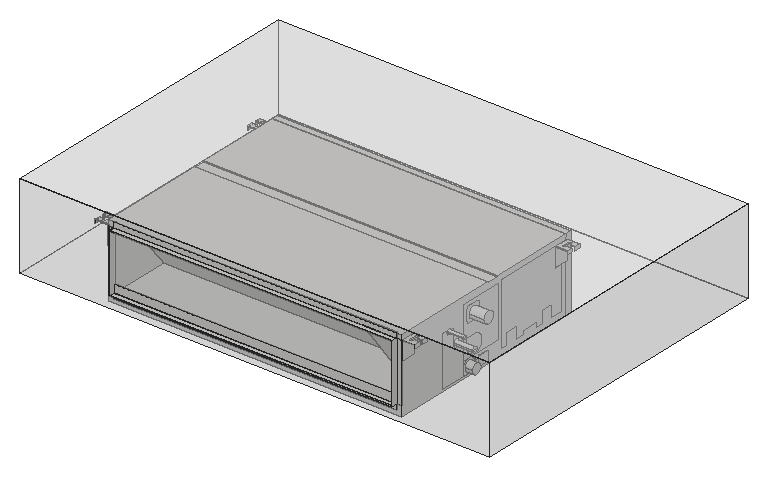
Revit family "outputfile", category 機械設備, Revit 2024
Family settings
  丸型コネクタ寸法 = 半径を使用
  パーツ タイプ = 標準
  OmniClass 番号 = 23.75.10.24.21.27.27
  OmniClass タイトル = Split System Air Conditioning Units
  作業面ベース = いいえ
  常に垂直 = はい
  ロード時にボイドで切り取り = いいえ
  注釈の向きを維持 = いいえ
  共有 = いいえ
  部屋計算ポイント = はい
Parameters (values of type "FBFC71AXVA")
  Description = ""
  書き出し IFC クラス(タイプ) = "IfcUnitaryEquipmentType"
  定義済み IFC タイプ(タイプ) = "AIRCONDITIONINGUNIT"
  Cost = 0
  Type Comments = ""
  Keynote = ""
  Type Image = (empty or 0)
  Assembly Code = ""
  switch_frequency = yes
  connector_voltage = Voltage_60Hz  # 0 V
  connector_powerinput = [Power Input (Cooling)]  # 0.000 kW
  connector_phase = Phase_60Hz  # 1
  URL = ""
  Supply Air Direction [instance] = yes
  製造元 = "Daikin"
  モデル = "FBFC71AXVA"
  w_pipe = 33 mm
  r_Liquid Pipe Size = Liquid Pipe Size / 2  # 4.75 mm
  r_Gas Pipe Size = Gas Pipe Size / 2  # 7.95 mm
  r_Drain Pipe Size = Drain Pipe Size / 2  # 16.0 mm
  lw_powersupply = Width / 2  # 500 mm
  lw_ductflange2 = 962 mm
  lw_Width = 962 mm
  lh_suctionflange [instance] = 100 mm
  ld_suctionflange [instance] = 190 mm
  ld_powersupply = 263 mm
  angle_vertical_RA [instance] = 90.00°
  angle horizontal_RA [instance] = 180.00°
  Voltage_comment_60Hz = "220 - 240"
  Voltage_60Hz = 0 V
  Sound Power Level_H speed (dB) = 0
  RA_length = 190 mm  # constant formula
  Phase_60Hz = 1
  Minimum External Static Pressure = 17.00 Pa
  Minimum Circuit Amps_60Hz = 0.0 A
  Maximum Fuse Amps_60Hz = 0.0 A
  Maximum External Static Pressure = 50.00 Pa
  Material_Casing = DAIKIN_GalvanizedSteel_Casing_indoorunit
  lw_liquidpipe = 557.9 mm
  lw_gaspipe = 567.5 mm
  lw_mountinghole_pitch = 1046 mm
  lw_mountinghole = 20 mm
  lw_drainpipe = 526 mm
  lh_powersupply = 43.2 mm
  lh_liquidpipe = 175 mm
  lh_gaspipe = 128 mm
  lh_mountinghole = Height + [h***] - 15 mm  # 235 mm
  lh_drainpipe = 29 mm
  lh_antena = (Height - lh_mountinghole) + 1 mm  # 16 mm
  ld_liquidpipe = 153 mm
  ld_gaspipe = 123 mm
  ld_mountinghole_pitch = 651 mm
  ld_drainpipe = 64 mm
  ld_controlbox = 626 mm
  h*** = 0 mm  # constant formula
  d_dischargeflange = 20 mm  # constant formula
  Width = 1000 mm
  Version = "ver.1.0"
  Unit Type = "M.S.P. Duct"
  Unit Mass Weight = 31.00 kg
  Unit Designation [instance] = ""
  Uniclass2015Version = "Products v1.30"
  Uniclass2015Title = "Split coil room air conditioning units"
  Uniclass2015Code = "Pr_70_65_03_86"
  Total Cooling Capacity [instance] = 0.000 kW
  Sound Pressure Level_M speed (dBA) = 38
  Sound Pressure Level_L speed (dBA) = 35
  Sound Pressure Level_H speed (dBA) = 41
  Series = "SkyAir_Fan Coil Unit"
  Sensible Cooling Capacity [instance] = 0.000 kW
  SA Duct Size Width = 962 mm
  SA Duct Size Height = 200 mm
  Refrigerant Type = "R32"
  RA Duct Size Width = 962 mm
  RA Duct Size Height = 214 mm
  Power Input (Cooling) = 0.000 kW
  Option Accessory 3 [instance] = ""
  Option Accessory 2 [instance] = ""
  Option Accessory 1 [instance] = ""
  Nominal Cooling Capacity = 7.100 kW
  Minimum Airflow = 1190.00 m³/h
  Median Airflow = 1380.00 m³/h
  Maximum Airflow = 1620.00 m³/h
  Load Classification = HVAC
  Liquid Pipe Size = 9.5 mm
  Link_Nested Family [instance] = ""
  IfcVersion = ""
  IfcExportType = "AIRCONDITIONINGUNIT"
  IfcExportAs = "IfcUnitaryEquipmentType"
  Height = 250 mm
  Heat Exchanger Type = "Cross Fin Coil"
  Gas Pipe Size = 15.9 mm
  Frequency_60Hz = 60 Hz
  Fan Type = "Sirocco Fan"
  Fan Drive = "Direct Drive"
  FCU Tag No. [instance] = ""
  Drain Pipe Size = 32.0 mm
  Design Supply Airflow [instance] = 0.00 m³/h
  Design Return Airflow [instance] = 0.00 m³/h
  Design External Static Pressure [instance] = 0.00 Pa
  Depth = 700 mm
  既定の高さ = 0 mm
  Cooling Entering Wet Bulb Temperature [instance] = 0.00 °C
  Cooling Entering Dry Bulb Temperature [instance] = 0.00 °C
  Cooling Ambient Wet Bulb Temperature [instance] = 0.00 °C
  Cooling Ambient Dry Bulb Temperature [instance] = 0.00 °C
  Clearance visibility [instance] = yes
  Clearance Top = 20 mm
  Clearance Right = 300 mm
  Clearance Rear = 400 mm
  Clearance Left = 300 mm
  Clearance Front = 0 mm
  Clearance Bottom = 20 mm
Reference planes
  plane 1 "Center (Front/Back)": y = 0
  plane 2: z = 0
  plane 3 "Center (Left/Right)": x = 0
  plane 4 "Back": y = 350
  plane 5 "Front": y = -350
  plane 6 "Left": x = -500
  plane 7 "Right": x = 500
  plane 8 "Top": z = 0
  plane 9 "Bottom": z = -250
  plane 10: x = 481
  plane 11: x = -480.2
  plane 12: z = -72
  plane 13: z = -75
  plane 14: z = -122
  plane 15: x = -304
  plane 16: x = 304
  plane 17: x = -523
  plane 18: x = 523
  plane 19: x = 557.9
  plane 20: x = 567.5
  plane 21: z = -15
  plane 22 "Clearance Left": x = -800
  plane 23 "Clearance Right": x = 800
  plane 24 "Clearance Rear": y = 750
  plane 25 "Clearance Front": y = -350
  plane 26 "Clearance Bottom": z = -270
  plane 27: z = -21
  plane 28: z = -221
  plane 29: y = -123
  plane 30: y = -153
  plane 31: y = -30
  plane 32: y = -64
  plane 33: z = -118
  plane 34: y = -349.2
  plane 35: z = -150
  plane 36: y = 160
  plane 37: z = -151
  plane 38: x = 526
  plane 39: x = 495
  plane 40: x = 365.5
  plane 41: z = 102.5
  plane 42: y = 325.5
  plane 43: y = -325.5
  plane 44: y = 17.5
  plane 45: y = 57
  plane 46: x = 503.2
  plane 47: x = 505.2
  plane 48: y = -370
  plane 49: y = 390
  plane 50: z = -125
  plane 51: z = -70.5
  plane 52: z = -75.133
  plane 53: z = -75.5
  plane 54: z = -126.5
  plane 55: z = -239.8
  plane 56: z = -22.5
  plane 57: z = -192.5
  plane 58: z = -16
  plane 59 "Clearance Top": z = 20
  plane 60: z = -206.8
  plane 61: y = 263
  plane 62: y = -200
  plane 63: y = -300
  plane 64: y = -140
Forms (mm)
  Extrusion 1, solid, material "DAIKIN_GalvanizedSteel_Casing_indoorunit" <- "Material_Casing"
    sketch origin (0, 0, 0) x (1, 0, 0) y (0, 1, 0)
      loop
        line (-500, -349.2) -> (500, -349.2) -> (500, 350) -> (-500, 350) -> (-500, -349.2)
    from -250 to 0
  Extrusion 2, void
    sketch origin (0, 0, 1) x (1, 0, 0) y (0, 1, 0)
      loop
        line (-500, 57) -> (-500, 17.5) -> (500, 17.5) -> (500, 57) -> (-500, 57)
    from -1 to -5
  Extrusion 3, void
    sketch origin (0, 0, 0) x (0, 1, 0) y (0, 0, 1)
      loop
        line (-91.914, -222) -> (-91.914, -246.5) -> (-36.314, -246.5) -> (-36.314, -219.481)
        arc (-36.314, -219.481) -> (-65.261, -194.229) -> (-91.8, -222) r 27.8
    from 500 to 495
  Revolve 4, solid, material "DAIKIN_GalvanizedSteel_Casing_indoorunit" <- "Material_Casing"
    sketch origin (0, 0, -122) x (0, -1, 0) y (1, 0, 0)
      loop
        line (115.05, 500) -> (123, 500) -> (123, 567.5) -> (115.05, 567.5) -> (115.05, 500)
      axis (123, 500) -> (123, 567.5)
    angle from 0 to 360
  Revolve 5, solid, material "DAIKIN_GalvanizedSteel_Casing_indoorunit" <- "Material_Casing"
    sketch origin (0, 0, -75) x (0, -1, 0) y (1, 0, 0)
      loop
        line (153, 500) -> (153, 557.9) -> (148.25, 557.9) -> (148.25, 500) -> (153, 500)
      axis (153, 557.9) -> (153, 500)
    angle from 0 to 360
  Extrusion 6, solid, material "DAIKIN_GalvanizedSteel_Casing_indoorunit" <- "Material_Casing"
    sketch origin (0, 0, 0) x (0, 1, 0) y (0, 0, 1)
      loop
        circle (-64, -221) r 16
    from 526 to 500
  Extrusion 7, solid, material "DAIKIN_GalvanizedSteel_Casing_indoorunit" <- "Material_Casing"
    sketch origin (0, 0, 0) x (0, 1, 0) y (0, 0, 1)
      loop
        line (-180, -70.5) -> (-180, -239.8) -> (-95, -239.8) -> (-95, -126.5) -> (-107, -126.5)
        arc (-107, -126.5) -> (-121.5, -141) -> (-136, -126.5) r 14.5
        line (-136, -126.5) -> (-136, -75.5) -> (-141.006, -75.5)
        arc (-141.006, -75.5) -> (-153.184, -87.131) -> (-165, -75.133) r 12
        line (-165, -75.133) -> (-165, -70.5) -> (-180, -70.5)
      loop
        line (-92, -22.5) -> (-92, -192.5) -> (54, -192.5) -> (54, -22.5) -> (-92, -22.5)
      loop
        line (71, -16) -> (71, -224.802) -> (87.805, -224.802) -> (87.805, -184.607) -> (134.195, -184.606) -> (134.195, -224.802) -> (161, -224.802) -> (161, -212.302) -> (221, -212.303) -> (221, -224.802) -> (239.805, -224.802) -> (239.805, -184.606) -> (286.195, -184.606) -> (286.195, -224.802) -> (321.994, -224.802) -> (321.994, -82) -> (298.5, -82) -> (298.5, -16) -> (71, -16)
    from 500 to 503.2
  Extrusion 8, solid, material "DAIKIN_GalvanizedSteel_Casing_indoorunit" <- "Material_Casing"
    sketch origin (0, 0, 0) x (0, 1, 0) y (0, 0, 1)
      loop
        line (-27.5, -74.5) -> (-27.5, -41.5)
        arc (-27.5, -41.5) -> (-30.136, -35.136) -> (-36.5, -32.5) r 9
        line (-36.5, -32.5) -> (-69.5, -32.5)
        arc (-69.5, -32.5) -> (-75.864, -35.136) -> (-78.5, -41.5) r 9
        line (-78.5, -41.5) -> (-78.5, -74.5)
        arc (-78.5, -74.5) -> (-75.864, -80.864) -> (-69.5, -83.5) r 9
        line (-69.5, -83.5) -> (-36.5, -83.5)
        arc (-36.5, -83.5) -> (-30.136, -80.864) -> (-27.5, -74.5) r 9
      loop
        arc (8, -234.5) -> (9.415, -233.914) -> (10.001, -232.499) r 2.001
        line (10.001, -232.499) -> (9.997, -206.503)
        arc (9.997, -206.503) -> (9.412, -205.091) -> (8, -204.506) r 1.997
        line (8, -204.506) -> (-25.997, -204.506)
        arc (-25.997, -204.506) -> (-27.415, -205.094) -> (-28.002, -206.511) r 2.005
        line (-28.002, -206.511) -> (-28.002, -232.499)
        arc (-28.002, -232.499) -> (-27.416, -233.914) -> (-26.001, -234.5) r 2.001
        line (-26.001, -234.5) -> (8, -234.5)
      loop
        arc (-77.358, -152.358) -> (-25.548, -177.591) -> (-59.394, -130.95) r 29.7
        arc (-59.394, -130.95) -> (-62.843, -131.688) -> (-66.339, -131.219) r 10.3
        line (-66.339, -131.219) -> (-72.946, -129.136)
        arc (-72.946, -129.136) -> (-80.627, -131.374) -> (-81.498, -139.327) r 7.2
        line (-81.498, -139.327) -> (-78.299, -145.472)
        arc (-78.299, -145.472) -> (-77.23, -148.833) -> (-77.358, -152.358) r 10.3
    from 500 to 505.2
  Extrusion 9, solid, material "DAIKIN_GalvanizedSteel_Casing_indoorunit" <- "Material_Casing"
    sketch origin (0, 0, 0) x (0, 1, 0) y (0, 0, 1)
      loop
        circle (-53, -58) r 18.9
    from 500 to 557.9
  Extrusion 10, void
    sketch origin (0, 0, 0) x (0, 1, 0) y (0, 0, 1)
      loop
        line (-350, -18.8) -> (-350, -217.2) -> (-200, -217.2) -> (-349.2, -18.8) -> (-350, -18.8)
    from -480.2 to 481
  Extrusion 11, void
    sketch origin (0, 0, 0) x (0, 1, 0) y (0, 0, 1)
      loop
        line (-350, -18.8) -> (-350, -217.2) -> (-140, -217.2) -> (-300, -18.8) -> (-350, -18.8)
    from -480.2 to 365.5
Cuts and joins
  Extrusion 2, Extrusion 3, Extrusion 10, Extrusion 11 cuts Extrusion 1
  joined: Extrusion 7, Extrusion 8, Extrusion 9
Dimensions and locks
  "Height": plane 8 "Top" to plane 9 "Bottom"
  equal spacing: plane 15, plane 3 "Center (Left/Right)", plane 16, locked at 304 each
  locked: plane 15 to plane 16 at 608
  equal spacing: plane 17, plane 3 "Center (Left/Right)", plane 18
  "lw_mountinghole_pitch": plane 17 to plane 18
  locked: plane 12 to plane 9 "Bottom" at 178
  "lh_liquidpipe": plane 13 to plane 9 "Bottom"
  "lh_gaspipe": plane 14 to plane 9 "Bottom"
  "lh_mountinghole": plane 21 to plane 9 "Bottom"
  equal spacing: plane 6 "Left", plane 3 "Center (Left/Right)", plane 7 "Right"
  "Width": plane 6 "Left" to plane 7 "Right"
  "Clearance Right": plane 7 "Right" to plane 23 "Clearance Right"
  "Clearance Left": plane 22 "Clearance Left" to plane 6 "Left"
  "Clearance Rear": plane 24 "Clearance Rear" to plane 4 "Back"
  "Clearance Front": plane 5 "Front" to plane 25 "Clearance Front"
  locked: plane 8 "Top" to plane 27 at 21
  "Depth": plane 4 "Back" to plane 5 "Front"
  equal spacing: plane 4 "Back", plane 1 "Center (Front/Back)", plane 5 "Front"
  "ld_suctionflange": plane 4 "Back" to plane 36
  locked: plane 37 to plane 9 "Bottom" at 99
  plane 7 "Right" to plane 40 = 134.5 mm
  "r_Gas Pipe Size": nested 6 to Revolve 4 sketch curve
  "r_Liquid Pipe Size": nested 5 to Revolve 5 sketch curve
  equal spacing: plane 42, plane 1 "Center (Front/Back)", plane 43
  "ld_mountinghole_pitch": plane 42 to plane 43
  locked: plane 33 to plane 9 "Bottom" at 132
  "lw_liquidpipe": plane 3 "Center (Left/Right)" to plane 19
  "lw_gaspipe": plane 3 "Center (Left/Right)" to plane 20
  "lw_drainpipe": plane 3 "Center (Left/Right)" to plane 38
  "ld_drainpipe": plane 32 to plane 1 "Center (Front/Back)"
  "ld_gaspipe": plane 29 to plane 1 "Center (Front/Back)"
  "ld_liquidpipe": plane 30 to plane 1 "Center (Front/Back)"
  "lh_drainpipe": plane 28 to plane 9 "Bottom"
  locked: plane 7 "Right" to plane 46 at 3.2
  locked: plane 46 to plane 47 at 2
  equal spacing: plane 8 "Top", plane 50, plane 9 "Bottom"
  plane 51 to plane 52 to plane 53 to plane 54 to plane 55 = 4.633 mm locked, 0.367 mm locked, 51 mm locked, 113.3 mm locked
  plane 8 "Top" to plane 56 to plane 57 = 22.5 mm locked, 170 mm locked
  locked: plane 8 "Top" to plane 58 at 16
  locked: plane 40 to plane 10 at 115.5
  locked: plane 17 to plane 11 at 42.8
  locked: plane 39 to plane 7 "Right" at 5
  "Clearance Top": plane 59 "Clearance Top" to plane 8 "Top"
  "Clearance Bottom": plane 9 "Bottom" to plane 26 "Clearance Bottom"
  "lh_powersupply": plane 60 to plane 9 "Bottom"
  "ld_powersupply": plane 61 to plane 1 "Center (Front/Back)"
  locked: plane 34 to plane 5 "Front" at 0.8
  locked: plane 5 "Front" to plane 48 at 20
  locked: plane 5 "Front" to plane 62 at 150
  plane 5 "Front" to plane 63 to plane 64 = 50 mm locked, 160 mm locked
  "r_Drain Pipe Size": radius of Extrusion 6 sketch curve
  aligned and locked: level to plane 2
  aligned and locked: Extrusion 1 to plane 9 "Bottom"
  aligned and locked: plane 8 "Top" to Extrusion 1
  aligned and locked: Revolve 4 sketch curve to Revolve 4 sketch curve
  aligned and locked: plane 19 to nested 5
  aligned and locked: nested 5 to plane 13
  aligned and locked: plane 18 to nested 2
  aligned and locked: plane 17 to nested 3
  aligned and locked: plane 17 to nested 4
  aligned and locked: nested 6 to plane 14
  aligned and locked: plane 29 to nested 6
  aligned and locked: plane 30 to nested 5
  aligned and locked: Extrusion 6 sketch curve to plane 32
  aligned and locked: plane 8 "Top" to Extrusion 2
  aligned and locked: plane 24 "Clearance Rear" to nested 11
  aligned and locked: plane 23 "Clearance Right" to nested 11
  aligned and locked: plane 22 "Clearance Left" to nested 11
  aligned and locked: nested 11 to plane 25 "Clearance Front"
  aligned and locked: plane 7 "Right" to cut or joined group of Extrusion 1, Extrusion 2, Extrusion 3, Extrusion 10, Extrusion 11  (x3)
  aligned and locked: cut or joined group of Extrusion 1, Extrusion 2, Extrusion 3, Extrusion 10, Extrusion 11 to plane 39
  aligned and locked: plane 38 to Extrusion 6
  aligned and locked: plane 20 to nested 6
  aligned and locked: plane 3 "Center (Left/Right)" to nested 12
  aligned and locked: plane 18 to nested 1
  aligned and locked: plane 32 to nested 7
  aligned and locked: nested 7 to plane 28
  aligned and locked: plane 38 to nested 7
  aligned and locked: nested 9 to plane 1 "Center (Front/Back)"
  aligned and locked: plane 3 "Center (Left/Right)" to nested 9
  aligned and locked: plane 33 to nested 8
  aligned and locked: level to plane 8 "Top"
  aligned and locked: nested 1 to plane 42
  aligned and locked: nested 2 to plane 43
  aligned and locked: nested 4 to plane 42
  aligned and locked: nested 3 to plane 43
  aligned and locked: nested 12 to plane 21
  aligned and locked: cut or joined group of Extrusion 1, Extrusion 2, Extrusion 3, Extrusion 10, Extrusion 11 to plane 34
  aligned and locked: nested 13 to plane 33
  aligned and locked: Extrusion 2 sketch curve to plane 6 "Left"
  aligned and locked: plane 7 "Right" to Extrusion 2 sketch curve
  aligned and locked: plane 44 to Extrusion 2 sketch curve
  aligned and locked: plane 45 to Extrusion 2 sketch curve
  aligned and locked: plane 3 "Center (Left/Right)" to nested 10
  aligned and locked: nested 10 to plane 4 "Back"
  aligned and locked: plane 46 to Extrusion 7
  aligned and locked: Extrusion 7 to plane 7 "Right"
  aligned and locked: Extrusion 8 to plane 7 "Right"
  aligned and locked: plane 47 to Extrusion 8
  aligned and locked: plane 19 to Extrusion 9
  aligned and locked: Extrusion 9 to plane 7 "Right"
  aligned and locked: nested 8 to plane 48
  aligned and locked: plane 49 to nested 14
  aligned and locked: nested 14 to plane 3 "Center (Left/Right)"
  aligned and locked: nested 14 to plane 50
  aligned and locked: plane 54 to Extrusion 7 sketch curve  (x2)
  aligned and locked: plane 52 to Extrusion 7 sketch curve
  aligned and locked: plane 56 to Extrusion 7 sketch curve
  aligned and locked: plane 57 to Extrusion 7 sketch curve
  aligned and locked: plane 58 to Extrusion 7 sketch curve
  aligned and locked: plane 3 "Center (Left/Right)" to nested 13
  aligned and locked: plane 59 "Clearance Top" to nested 11
  aligned and locked: nested 11 to plane 26 "Clearance Bottom"
  aligned and locked: plane 7 "Right" to nested 15
  aligned and locked: nested 15 to plane 60
  aligned and locked: plane 34 to nested 13
  aligned and locked: plane 5 "Front" to Extrusion 10 sketch curve
  aligned and locked: cut or joined group of Extrusion 1, Extrusion 2, Extrusion 3, Extrusion 10, Extrusion 11 to plane 11  (x2)
  aligned and locked: plane 10 to cut or joined group of Extrusion 1, Extrusion 2, Extrusion 3, Extrusion 10, Extrusion 11
  aligned and locked: Extrusion 11 sketch curve to plane 5 "Front"
  aligned and locked: plane 63 to Extrusion 11 sketch curve
  aligned and locked: plane 64 to Extrusion 11 sketch curve
  aligned and locked: cut or joined group of Extrusion 1, Extrusion 2, Extrusion 3, Extrusion 10, Extrusion 11 to plane 40
  aligned and locked: Extrusion 6 to plane 7 "Right"
  aligned and locked: Revolve 4 to plane 7 "Right"
  aligned and locked: Revolve 5 to plane 7 "Right"
Automatic sketch dimensions
  Extrusion 1 sketch curve to plane 4 "Back" = 0 mm
  Extrusion 1 sketch curve to plane 6 "Left" = 0 mm
  Extrusion 1 sketch curve to plane 7 "Right" = 0 mm
  plane 34 to Extrusion 1 sketch curve = 0 mm
  Extrusion 6 sketch curve to plane 28 = 0 mm
  Revolve 4 sketch curve to plane 20 = 0 mm
  Revolve 4 sketch curve to plane 29 = 0 mm
  Revolve 4 sketch curve to Revolve 4 sketch curve = 2.003 mm
  plane 20 to Revolve 4 sketch curve = 1.003 mm
  Revolve 5 sketch curve to plane 30 = 0 mm  (x2)
  Revolve 5 sketch curve to plane 19 = 0 mm  (x2)
  Revolve 5 sketch curve to plane 7 "Right" = 0 mm
  Revolve 5 sketch curve to Revolve 5 sketch curve = 1 mm
  Revolve 4 sketch curve to plane 7 "Right" = 0 mm
  plane 9 "Bottom" to Extrusion 3 sketch curve = 3.5 mm
  Extrusion 3 sketch curve to plane 31 = 6.314 mm
  Extrusion 3 sketch curve to plane 28 = 1 mm  (x2)
  plane 32 to Extrusion 3 sketch curve = 0 mm
  Extrusion 3 sketch curve to Extrusion 3 sketch curve = 0.114 mm
  Extrusion 8 sketch curve to plane 32 = 14.5 mm
  plane 13 to Extrusion 8 sketch curve = 0.5 mm  (x2)
  Extrusion 8 sketch curve to plane 32 = 5.5 mm  (x2)
  Extrusion 8 sketch curve to plane 31 = 6.5 mm  (x2)
  Extrusion 8 sketch curve to plane 27 = 20.5 mm
  plane 31 to Extrusion 8 sketch curve = 1.998 mm
  Extrusion 8 sketch curve to Extrusion 8 sketch curve = 2.001 mm  (x2)
  Extrusion 8 sketch curve to Extrusion 8 sketch curve = 2.005 mm
  Extrusion 8 sketch curve to plane 1 "Center (Front/Back)" = 8 mm  (x2)
  plane 28 to Extrusion 8 sketch curve = 16.494 mm
  Extrusion 8 sketch curve to Extrusion 8 sketch curve = 1.994 mm
  Extrusion 8 sketch curve to Extrusion 8 sketch curve = 1.997 mm
  Extrusion 8 sketch curve to plane 32 = 17.498 mm
  Extrusion 8 sketch curve to plane 35 = 0.228 mm
  Extrusion 8 sketch curve to Extrusion 8 sketch curve = 5.937 mm
  plane 35 to Extrusion 8 sketch curve = 4.528 mm
  Extrusion 8 sketch curve to Extrusion 8 sketch curve = 3.199 mm
  Extrusion 8 sketch curve to Extrusion 8 sketch curve = 6.386 mm
  Extrusion 8 sketch curve to plane 14 = 7.136 mm
  Extrusion 8 sketch curve to Extrusion 8 sketch curve = 2.165 mm
  Extrusion 8 sketch curve to plane 32 = 2.339 mm
  plane 32 to Extrusion 8 sketch curve = 0.758 mm
  Extrusion 8 sketch curve to plane 37 = 7.5 mm
  plane 32 to Extrusion 8 sketch curve = 15.7 mm
  Extrusion 8 sketch curve to Extrusion 8 sketch curve = 6.145 mm
  Extrusion 8 sketch curve to Extrusion 8 sketch curve = 2.083 mm
  plane 14 to Extrusion 8 sketch curve = 0.604 mm
  Extrusion 8 sketch curve to Extrusion 8 sketch curve = 0 mm
  plane 32 to Extrusion 9 sketch curve = 11 mm
  plane 12 to Extrusion 9 sketch curve = 14 mm
  Extrusion 7 sketch curve to plane 30 = 0 mm
  Extrusion 7 sketch curve to plane 30 = 27 mm
  Extrusion 7 sketch curve to plane 13 = 0.5 mm
  Extrusion 7 sketch curve to Extrusion 7 sketch curve = 5.006 mm
  plane 12 to Extrusion 7 sketch curve = 1.5 mm
  Extrusion 7 sketch curve to Extrusion 7 sketch curve = 12 mm
  Extrusion 7 sketch curve to plane 30 = 12 mm
  plane 29 to Extrusion 7 sketch curve = 1.5 mm
  Extrusion 7 sketch curve to plane 32 = 28 mm
  Extrusion 7 sketch curve to Extrusion 7 sketch curve = 17 mm
  Extrusion 7 sketch curve to plane 28 = 3.802 mm  (x8)
  Extrusion 7 sketch curve to plane 42 = 27 mm
  Extrusion 7 sketch curve to plane 42 = 3.506 mm  (x2)
  Extrusion 7 sketch curve to plane 53 = 6.5 mm
  plane 57 to Extrusion 7 sketch curve = 7.893 mm
  Extrusion 7 sketch curve to Extrusion 7 sketch curve = 0 mm  (x2)
  plane 57 to Extrusion 7 sketch curve = 7.894 mm  (x2)
  plane 36 to Extrusion 7 sketch curve = 1 mm  (x2)
  plane 28 to Extrusion 7 sketch curve = 8.697 mm
  Extrusion 3 sketch curve to Extrusion 3 sketch curve = 27.914 mm
  Extrusion 7 sketch curve to plane 55 = 0 mm
  Extrusion 8 sketch curve to plane 28 = 11.499 mm
  Extrusion 7 sketch curve to Extrusion 7 sketch curve = 60 mm
  Extrusion 10 sketch curve to plane 34 = 0 mm
  plane 28 to Extrusion 10 sketch curve = 3.8 mm
  plane 27 to Extrusion 10 sketch curve = 2.2 mm
  Extrusion 10 sketch curve to plane 30 = 47 mm
  plane 28 to Extrusion 11 sketch curve = 3.8 mm
  plane 27 to Extrusion 11 sketch curve = 2.2 mm
  radius of Extrusion 9 sketch curve = 18.9 mm
Nested families
  nested 1: "daikin_mountinghole" at (523, 325.5, -250), l_antenna <- "lh_antena", Link_Nested Family <- "Link_Nested Family", h_mountinghole <- "lh_mountinghole", type "daikin_mountinghole"
    with show yes, l_antenna 16 mm, h_mountinghole 235 mm, Link_Nested Family ""
  nested 2: "daikin_mountinghole" at (523, -325.5, -250), Link_Nested Family <- "Link_Nested Family", l_antenna <- "lh_antena", h_mountinghole <- "lh_mountinghole", type "daikin_mountinghole"
    with show yes, l_antenna 16 mm, h_mountinghole 235 mm, Link_Nested Family ""
  nested 3: "daikin_mountinghole" at (-523, -325.5, -250), l_antenna <- "lh_antena", Link_Nested Family <- "Link_Nested Family", h_mountinghole <- "lh_mountinghole", type "daikin_mountinghole"
    with show yes, l_antenna 16 mm, h_mountinghole 235 mm, Link_Nested Family ""
  nested 4: "daikin_mountinghole" at (-523, 325.5, -250), l_antenna <- "lh_antena", Link_Nested Family <- "Link_Nested Family", h_mountinghole <- "lh_mountinghole", type "daikin_mountinghole"
    with show yes, l_antenna 16 mm, h_mountinghole 235 mm, Link_Nested Family ""
  nested 5: "daikin_connector_rotate2" at (0, -153, -75) x (0, 1, 0) z (0, 0, 1), length <- "lw_liquidpipe", built-in parameter 1001364 <- "lh_liquidpipe", radius <- "r_Liquid Pipe Size", type "daikin_connector_rotate2"
    with radius 4.75 mm, length 557.9 mm, angle_vertical 90.00°
  nested 6: "daikin_connector_rotate2" at (0, -123, -122) x (0, 1, 0) z (0, 0, 1), length <- "lw_gaspipe", built-in parameter 1001364 <- "lh_gaspipe", radius <- "r_Gas Pipe Size", type "daikin_connector_rotate2"
    with radius 7.95 mm, length 567.5 mm, angle_vertical 90.00°
  nested 7: "daikin_connector_rotate2" at (0, -64, -221) x (0, 1, 0) z (0, 0, 1), built-in parameter 1001364 <- "lh_drainpipe", length <- "lw_drainpipe", radius <- "r_Drain Pipe Size", type "daikin_connector_rotate2"
    with radius 16 mm, length 526 mm, angle_vertical 90.00°
  nested 8: "daikin_connector_rotate2" at (0, -350, -118), length <- "d_dischargeflange", type "daikin_connector_rotate2"
    with radius 10 mm, length 20 mm, angle_vertical 90.00°
  nested 9: "daikin_△_symbolicline" at (-75, -129.904, 250) x (-0.5, 0.866, 0) z (0, 0, 1), built-in parameter 1001364 <- "Height", visible <- "Supply Air Direction", type "daikin_△_symbolicline"
    with length 300 mm
  nested 10: "daikin_ductflange_FBFC-AXVA_1" at (0, 350, -125), material <- "Material_Casing", width <- "lw_ductflange2", type "daikin_ductflange_FBFC-AXVA_1"
    with width 962 mm, material DAIKIN_GalvanizedSteel_Casing_indoorunit, height 214 mm, depth 40 mm
  nested 11: "daikin_clearancespace" at (0, 200, -124.881), visible <- "Clearance visibility", show <- "Clearance visibility", Link_Nested Family <- "Link_Nested Family", type "daikin_clearancespace"
    with width 1600 mm, show yes, height 290 mm, depth 1100 mm, Link_Nested Family ""
  nested 12: "daikin_hangerfixture_FBFC-AXVA" at (0, 0, -15), type "daikin_hangerfixture_FBFC-AXVA"
    with width 1000 mm
  nested 13: "daikin_ductflange_FBFC-AXVA" at (0, -35.7, -407.401), width <- "lw_Width", material <- "Material_Casing", type "daikin_ductflange_FBFC-AXVA"
    with width 962 mm, material DAIKIN_GalvanizedSteel_Casing_indoorunit, height 200 mm, depth 20.8 mm
  nested 14: "daikin_connector_rotate2" at (0, 350, -125) x (-1, 0, 0) z (0, 0, 1), type "daikin_connector_rotate2"
    with radius 10 mm, length 40 mm, angle_vertical 90.00°
  nested 15: "daikin_connector_rotate2" at (0, 263, -206.8) x (0, 1, 0) z (0, 0, 1), length <- "lw_powersupply", built-in parameter 1001364 <- "lh_powersupply", type "daikin_connector_rotate2"
    with radius 10 mm, length 500 mm, angle_vertical 90.00°
Connectors
  piping at (567.5, -123, -122), diameter 15.9, driven by "r_Gas Pipe Size"
    settings: on nested 6, index 1, connector inside diameter 609.6 mm, connector length 0 mm, flow factor 0, pipe flow 0.00 m³/h, pressure drop 0.0 Pa, fitting loss kfactor 0, connector angle 0.00°, fixture units 0, engagement length 0 mm, angle of deflection 0.00°, flow configuration 1, flow direction 2, fitting loss method 0, system type 29, joint type 0, gender type 0, connector reference index -1, connector utility 0, adjustable connector no, is connector primary yes, connector description "Refrigerant Gas Piping"
  piping at (557.9, -153, -75), diameter 9.5, driven by "r_Liquid Pipe Size"
    settings: on nested 5, index 2, connector inside diameter 609.6 mm, connector length 0 mm, flow factor 0, pipe flow 0.00 m³/h, pressure drop 0.0 Pa, fitting loss kfactor 0, connector angle 0.00°, fixture units 0, engagement length 0 mm, angle of deflection 0.00°, flow configuration 1, flow direction 1, fitting loss method 0, system type 29, joint type 0, gender type 0, connector reference index -1, connector utility 0, adjustable connector no, is connector primary no, connector description "Refrigerant Liquid Piping"
  piping at (526, -64, -221), diameter 32, driven by "r_Drain Pipe Size"
    settings: on nested 7, index 3, connector inside diameter 609.6 mm, connector length 0 mm, flow factor 0, pipe flow 0.00 m³/h, pressure drop 0.0 Pa, fitting loss kfactor 0, connector angle 0.00°, fixture units 0, engagement length 0 mm, angle of deflection 0.00°, flow configuration 1, flow direction 2, fitting loss method 4, system type 16, joint type 0, gender type 0, connector reference index -1, connector utility 0, adjustable connector no, is connector primary no, connector description "Condensate Drain Piping"
  hvac at (0, -370, -118), driven by "SA Duct Size Height", driven by "SA Duct Size Width"
    settings: on nested 8, index 7, duct flow 0.00 m³/h, flow factor 0, pres drop 0.00 Pa, loss coef 0, conn angle 0.00°, conn width 962.0 mm, conn height 200.0 mm, conn diameter 609.6 mm, duct sys type 1, conn prof type 1, flow config 0, flow direction 2, loss method 4, conn ref index -1, conn util no, is conn primary yes, conn desc "SA Duct"
  hvac at (0, 390, -125), driven by "RA Duct Size Width", driven by "RA Duct Size Height"
    settings: on nested 14, index 8, duct flow 0.00 m³/h, flow factor 0, pres drop 0.00 Pa, loss coef 0, conn angle 0.00°, conn width 962.0 mm, conn height 214.0 mm, conn diameter 609.6 mm, duct sys type 2, conn prof type 1, flow config 0, flow direction 1, loss method 4, conn ref index -1, conn util no, is conn primary no, conn desc "RA Duct"
  electrical at (500, 263, -206.8), driven by "Load Classification", driven by "connector_phase", driven by "connector_powerinput", driven by "connector_voltage"
    settings: on nested 15, index 9, voltage 0 V, apparent load 0 VA, apparent load phase1 0 VA, apparent load phase2 0 VA, apparent load phase3 0 VA, power factor 1, load classification "HVAC", number of poles 1, system type 30, power factor state 1, is connector primary yes, connector utility no, sub classification motor no, connector description "Power Supply"
Definition of nested family "daikin_ductflange_FBFC-AXVA_1"
  Parameters (values of type "daikin_ductflange_FXDQ-NDVET2")
    width [instance] = 662 mm
    material [instance] = none
    height [instance] = 214 mm
    depth [instance] = 40 mm
    Default Elevation = 0 mm
  Reference planes
    plane 1 "Center (Front/Back)": y = 0
    plane 2: z = 0
    plane 3 "Center (Left/Right)": x = 0
    plane 4: x = -331
    plane 5: x = 331
    plane 6: z = 107
    plane 7: z = -107
    plane 8: x = -350
    plane 9: x = 350
    plane 10: z = 124
    plane 11: z = -124
    plane 12: y = 20
    plane 13: x = -330.2
    plane 14: x = 330.2
    plane 15: z = 106.2
    plane 16: z = -106.2
    plane 17: y = 40
    plane 18: x = -330.2
    plane 19: z = 106.2
    plane 20: z = -106.2
    plane 21: x = 330.2
  Forms (mm)
    Extrusion 1, solid, material <- "material"
      sketch origin (0, 0, 0) x (1, 0, 0) y (0, 0, 1)
        loop
          line (-330.2, 106.2) -> (-330.2, -106.2) -> (330.2, -106.2) -> (330.2, 106.2) -> (-330.2, 106.2)
        loop
          line (-350, 124) -> (-350, -124) -> (350, -124) -> (350, 124) -> (-350, 124)
      from 0 to -20
    Extrusion 2, solid, material <- "material"
      sketch origin (0, 0, 0) x (1, 0, 0) y (0, 0, 1)
        loop
          line (-331, 107) -> (-331, -107) -> (331, -107) -> (331, 107) -> (-331, 107)
        loop
          line (-330.2, 106.2) -> (-330.2, -106.2) -> (330.2, -106.2) -> (330.2, 106.2) -> (-330.2, 106.2)
      from -40 to -20
  Cuts and joins
    joined: Extrusion 1, Extrusion 2
  Dimensions and locks
    equal spacing: plane 5, plane 3 "Center (Left/Right)", plane 4
    "width": plane 5 to plane 4
    equal spacing: plane 6, level, plane 7
    "height": plane 6 to plane 7
    locked: plane 4 to plane 8 at 19
    locked: plane 9 to plane 5 at 19
    locked: plane 10 to plane 6 at 17
    locked: plane 7 to plane 11 at 17
    locked: plane 1 "Center (Front/Back)" to plane 12 at 20
    locked: plane 13 to plane 4 at 0.8
    locked: plane 5 to plane 14 at 0.8
    locked: plane 6 to plane 15 at 0.8
    locked: plane 16 to plane 7 at 0.8
    locked: plane 12 to plane 17 at 20
    locked: plane 18 to plane 4 at 0.8
    locked: plane 5 to plane 21 at 0.8
    locked: plane 6 to plane 19 at 0.8
    locked: plane 20 to plane 7 at 0.8
    locked: plane 1 "Center (Front/Back)" to plane 17 at 40
    aligned and locked: level to plane 2
    aligned and locked: Extrusion 1 sketch curve to plane 10
    aligned and locked: plane 8 to Extrusion 1 sketch curve
    aligned and locked: Extrusion 1 sketch curve to plane 9
    aligned and locked: Extrusion 1 to plane 12
    aligned and locked: plane 1 "Center (Front/Back)" to Extrusion 1
    aligned and locked: Extrusion 1 sketch curve to plane 15
    aligned and locked: plane 13 to Extrusion 1 sketch curve
    aligned and locked: plane 16 to Extrusion 1 sketch curve
    aligned and locked: plane 11 to Extrusion 1 sketch curve
    aligned and locked: Extrusion 1 sketch curve to plane 14
    aligned and locked: Extrusion 2 sketch curve to plane 6
    aligned and locked: plane 4 to Extrusion 2 sketch curve
    aligned and locked: plane 7 to Extrusion 2 sketch curve
    aligned and locked: Extrusion 2 sketch curve to plane 5
    aligned and locked: Extrusion 2 sketch curve to Extrusion 1  (x4)
    aligned and locked: Extrusion 2 to plane 17
    aligned and locked: Extrusion 2 to Extrusion 1
  Automatic sketch dimensions
    Extrusion 1 sketch curve to plane 10 = 0 mm
Definition of nested family "daikin_clearancespace"
  Parameters (values of type "daikin_clearancespace")
    Description = "daikin_clearancespace"
    width [instance] = 1823.963 mm
    show [instance] = yes
    material = none
    height [instance] = 1359.762 mm
    depth [instance] = 880 mm
    Default Elevation = 0 mm
    Link_Nested Family [instance] = ""
  Reference planes
    plane 1 "Center (Front/Back)": y = 0
    plane 2 "Center (Elevation)": z = -0.119
    plane 3 "Center (Left/Right)": x = 0
    plane 4: y = 440
    plane 5: y = -440
    plane 6 "Right": x = 911.982
    plane 7 "Left": x = -911.982
    plane 8 "Top": z = 679.762
    plane 9 "Bottom": z = -680
  Forms (mm)
    Extrusion 1, solid, material <- "material", visible <- "show"
      sketch origin (0, 0, 0) x (1, 0, 0) y (0, 1, 0)
        loop
          line (-911.982, 440) -> (-911.982, -440) -> (911.982, -440) -> (911.982, 440) -> (-911.982, 440)
      from -680 to 679.762
  Lines and regions (mm)
    symbolic lines, visible <- "show"
      curve 1: line (911.982, 440, 0) -> (-911.982, 440, 0)
      curve 2: line (-911.982, 440, 0) -> (-911.982, -440, 0)
      curve 3: line (-911.982, -440, 0) -> (911.982, -440, 0)
      curve 4: line (911.982, -440, 0) -> (911.982, 440, 0)
      curve 5: line (911.982, 0, 679.762) -> (-911.982, 0, 679.762)
      curve 6: line (911.982, 0, -680) -> (911.982, 0, 679.762)
      curve 7: line (-911.982, 0, -680) -> (911.982, 0, -680)
      curve 8: line (-911.982, 0, 679.762) -> (-911.982, 0, -680)
      curve 9: line (0, 440, 679.762) -> (0, -440, 679.762)
      curve 10: line (0, -440, 679.762) -> (0, -440, -680)
      curve 11: line (0, 440, -680) -> (0, 440, 679.762)
      curve 12: line (0, -440, -680) -> (0, 440, -680)
  Dimensions and locks
    "width": plane 7 "Left" to plane 6 "Right"
    "depth": plane 4 to plane 5
    "height": plane 8 "Top" to plane 9 "Bottom"
    equal spacing: plane 7 "Left", plane 3 "Center (Left/Right)", plane 6 "Right"
    equal spacing: plane 4, plane 1 "Center (Front/Back)", plane 5
    equal spacing: plane 8 "Top", plane 2 "Center (Elevation)", plane 9 "Bottom"
    aligned and locked: level to plane 2 "Center (Elevation)"
    aligned and locked: Extrusion 1 sketch curve to plane 4
    aligned and locked: plane 7 "Left" to Extrusion 1 sketch curve
    aligned and locked: Extrusion 1 sketch curve to plane 5
    aligned and locked: Extrusion 1 sketch curve to plane 6 "Right"
    aligned and locked: plane 8 "Top" to Extrusion 1
    aligned and locked: curve 1 to Extrusion 1
    aligned and locked: curve 2 to Extrusion 1
    aligned and locked: curve 3 to Extrusion 1
    aligned and locked: curve 4 to Extrusion 1
    aligned and locked: curve 5 to Extrusion 1
    aligned and locked: curve 6 to Extrusion 1
    aligned and locked: curve 7 to Extrusion 1
    aligned and locked: curve 8 to Extrusion 1
    aligned and locked: curve 9 to Extrusion 1
    aligned and locked: curve 10 to Extrusion 1
    aligned and locked: curve 11 to Extrusion 1
    aligned and locked: curve 12 to Extrusion 1
    aligned and locked: Extrusion 1 to plane 9 "Bottom"
Definition of nested family "daikin_hangerfixture_FBFC-AXVA"
  Parameters (values of type "daikin_hangerfixture_FDMFC-AV1M")
    width = 700 mm
    material = none
    height = 65 mm
    depth = 700 mm
    Default Elevation = 0 mm
  Reference planes
    plane 1 "Center (Front/Back)": y = 0
    plane 2: z = 0
    plane 3 "Center (Left/Right)": x = 0
    plane 4: x = 350
    plane 5: y = 350
    plane 6: y = -350
    plane 7: x = -350
    plane 8: z = -65
    plane 9: y = 325.5
    plane 10: y = -325.5
    plane 11: y = 302
    plane 12: y = -302
    plane 13: x = 373
    plane 14: x = -373
  Forms (mm)
    Extrusion 1, void
      sketch origin (0, 0, 0) x (-1, 0, 0) y (0, -1, 0)
        loop
          arc (366.995, -334.5) -> (373, -340.5) -> (378.995, -334.489) r 6
          line (378.995, -334.489) -> (378.995, -333)
          arc (378.995, -333) -> (379.288, -332.293) -> (379.995, -332) r 1
          line (379.995, -332) -> (394.995, -332) -> (394.995, -319) -> (379.995, -319)
          arc (379.995, -319) -> (379.288, -318.707) -> (378.995, -318) r 1
          line (378.995, -318) -> (378.995, -316.464)
          arc (378.995, -316.464) -> (372.977, -310.5) -> (366.995, -316.5) r 6
          line (366.995, -316.5) -> (366.995, -334.5)
        loop
          line (367.28, 334.5) -> (367.28, 316.5)
          arc (367.28, 316.5) -> (373, 310.507) -> (379.254, 315.94) r 6
          line (379.254, 315.94) -> (379.254, 318)
          arc (379.254, 318) -> (379.547, 318.707) -> (380.254, 319) r 1
          line (380.254, 319) -> (395.254, 319) -> (395.254, 332) -> (380.254, 332)
          arc (380.254, 332) -> (379.547, 332.293) -> (379.254, 333) r 1
          line (379.254, 333) -> (379.254, 334.5)
          arc (379.254, 334.5) -> (373.267, 340.487) -> (367.28, 334.5) r 5.987
      from -254.96 to 618
    Extrusion 2, solid, material <- "material"
      sketch origin (0, 0, 0) x (-1, 0, 0) y (0, 0, 1)
        loop
          line (350, 0) -> (350, -65) -> (352.3, -65) -> (352.3, -2.3) -> (392.7, -2.3) -> (392.7, -12) -> (395, -12) -> (395, 0) -> (350, 0)
      from -349.5 to -301.5
    Extrusion 3, solid, material <- "material"
      sketch origin (0, 0, 0) x (1, 0, 0) y (0, 0, 1)
        loop
          line (350, 0) -> (350, -65) -> (352.3, -65) -> (352.3, -2.3) -> (392.7, -2.3) -> (392.7, -12) -> (395, -12) -> (395, 0) -> (350, 0)
      from -349.5 to -301.5
    Extrusion 4, void
      sketch origin (0, 0, 0) x (1, 0, 0) y (0, 1, 0)
        loop
          line (366.995, 334.5) -> (366.995, 316.5)
          arc (366.995, 316.5) -> (372.977, 310.5) -> (378.995, 316.464) r 6
          line (378.995, 316.464) -> (378.995, 318)
          arc (378.995, 318) -> (379.288, 318.707) -> (379.995, 319) r 1
          line (379.995, 319) -> (394.995, 319) -> (394.995, 332) -> (379.995, 332)
          arc (379.995, 332) -> (379.288, 332.293) -> (378.995, 333) r 1
          line (378.995, 333) -> (378.995, 334.489)
          arc (378.995, 334.489) -> (373, 340.5) -> (366.995, 334.5) r 6
        loop
          arc (367.026, -334.5) -> (373.026, -340.5) -> (379.026, -334.5) r 6
          line (379.026, -334.5) -> (379.026, -333)
          arc (379.026, -333) -> (379.319, -332.293) -> (380.026, -332) r 1
          line (380.026, -332) -> (395.026, -332) -> (395.026, -319) -> (380.026, -319)
          arc (380.026, -319) -> (379.319, -318.707) -> (379.026, -318) r 1
          line (379.026, -318) -> (379.026, -316.448)
          arc (379.026, -316.448) -> (373, -310.5) -> (367.026, -316.5) r 6
          line (367.026, -316.5) -> (367.026, -334.5)
      from -254.96 to 618
    Extrusion 5, solid, material <- "material"
      sketch origin (0, 0, 0) x (1, 0, 0) y (0, 0, -1)
        loop
          line (350, 0) -> (395, 0) -> (395, 12) -> (392.7, 12) -> (392.7, 2.3) -> (352.3, 2.3) -> (352.3, 65) -> (350, 65) -> (350, 0)
      from -349.5 to -301.5
    Extrusion 6, solid, material <- "material"
      sketch origin (0, 0, 0) x (-1, 0, 0) y (0, 0, -1)
        loop
          line (350, 0) -> (395, 0) -> (395, 12) -> (392.7, 12) -> (392.7, 2.3) -> (352.3, 2.3) -> (352.3, 65) -> (350, 65) -> (350, 0)
      from -349.5 to -301.5
  Cuts and joins
    Extrusion 1 cuts Extrusion 2
    Extrusion 4 cuts Extrusion 3
    Extrusion 4 cuts Extrusion 5
    Extrusion 1 cuts Extrusion 6
  Dimensions and locks
    equal spacing: plane 5, plane 1 "Center (Front/Back)", plane 6
    "depth": plane 5 to plane 6
    plane 6 to plane 1 "Center (Front/Back)" to plane 5 = 350 mm, 350 mm
    equal spacing: plane 4, plane 3 "Center (Left/Right)", plane 7
    "width": plane 4 to plane 7
    "height": level to plane 8
    equal spacing: plane 10, plane 1 "Center (Front/Back)", plane 9
    plane 10 to plane 9 = 651 mm
    plane 5 to plane 11 = 48 mm
    plane 12 to plane 6 = 48 mm
    locked: plane 7 to plane 14 at 23
    locked: plane 13 to plane 4 at 23
    plane 14 to plane 13 = 746 mm
    aligned and locked: level to plane 2
  Automatic sketch dimensions
    Extrusion 1 sketch curve to plane 7 = 17.28 mm
    Extrusion 1 sketch curve to plane 7 = 16.995 mm
    Extrusion 1 sketch curve to Extrusion 1 sketch curve = 5.987 mm  (x2)
    Extrusion 1 sketch curve to Extrusion 1 sketch curve = 6 mm  (x5)
    Extrusion 1 sketch curve to Extrusion 1 sketch curve = 5.974 mm
    Extrusion 1 sketch curve to Extrusion 1 sketch curve = 1 mm  (x5)
    plane 9 to Extrusion 1 sketch curve = 6.5 mm
    Extrusion 1 sketch curve to Extrusion 1 sketch curve = 15 mm  (x2)
    plane 10 to Extrusion 1 sketch curve = 6.5 mm
    Extrusion 1 sketch curve to plane 9 = 6.5 mm
    Extrusion 1 sketch curve to Extrusion 1 sketch curve = 1.49 mm
    plane 9 to Extrusion 1 sketch curve = 9 mm
    Extrusion 1 sketch curve to plane 10 = 9.56 mm
    Extrusion 1 sketch curve to Extrusion 1 sketch curve = 2.06 mm
    Extrusion 1 sketch curve to plane 10 = 6.5 mm
    Extrusion 1 sketch curve to Extrusion 1 sketch curve = 1.5 mm
    Extrusion 1 sketch curve to Extrusion 1 sketch curve = 0 mm  (x4)
    Extrusion 2 sketch curve to plane 7 = 0 mm
    Extrusion 2 sketch curve to plane 8 = 0 mm
    Extrusion 2 sketch curve to level = 0 mm
    Extrusion 2 sketch curve to plane 7 = 2.3 mm
    Extrusion 2 sketch curve to level = 2.3 mm
    Extrusion 2 sketch curve to Extrusion 2 sketch curve = 40.4 mm
    Extrusion 2 sketch curve to Extrusion 2 sketch curve = 2.3 mm
    Extrusion 2 sketch curve to Extrusion 2 sketch curve = 9.7 mm
    Extrusion 3 sketch curve to plane 4 = 0 mm
    Extrusion 3 sketch curve to plane 8 = 0 mm
    Extrusion 3 sketch curve to level = 0 mm
    plane 4 to Extrusion 3 sketch curve = 2.3 mm
    Extrusion 3 sketch curve to level = 2.3 mm
    Extrusion 3 sketch curve to Extrusion 3 sketch curve = 40.4 mm
    Extrusion 3 sketch curve to Extrusion 3 sketch curve = 2.3 mm
    Extrusion 3 sketch curve to Extrusion 3 sketch curve = 9.7 mm
    plane 4 to Extrusion 4 sketch curve = 17.026 mm
    plane 4 to Extrusion 4 sketch curve = 16.995 mm
    Extrusion 4 sketch curve to Extrusion 4 sketch curve = 6 mm  (x8)
    Extrusion 4 sketch curve to Extrusion 4 sketch curve = 1 mm  (x6)
    plane 9 to Extrusion 4 sketch curve = 6.5 mm
    Extrusion 4 sketch curve to Extrusion 4 sketch curve = 15 mm  (x2)
    plane 10 to Extrusion 4 sketch curve = 6.5 mm
    Extrusion 4 sketch curve to Extrusion 4 sketch curve = 1.5 mm
    Extrusion 4 sketch curve to plane 10 = 6.5 mm
    Extrusion 4 sketch curve to plane 10 = 9 mm
    Extrusion 4 sketch curve to Extrusion 4 sketch curve = 2.536 mm
    Extrusion 4 sketch curve to plane 9 = 6.5 mm
    Extrusion 4 sketch curve to Extrusion 4 sketch curve = 1.49 mm
    Extrusion 4 sketch curve to Extrusion 4 sketch curve = 0 mm  (x4)
    Extrusion 5 sketch curve to plane 4 = 0 mm
    Extrusion 5 sketch curve to plane 8 = 0 mm
    Extrusion 5 sketch curve to level = 0 mm
    plane 4 to Extrusion 5 sketch curve = 2.3 mm
    Extrusion 5 sketch curve to level = 2.3 mm
    Extrusion 5 sketch curve to Extrusion 5 sketch curve = 40.4 mm
    Extrusion 5 sketch curve to Extrusion 5 sketch curve = 2.3 mm
    Extrusion 5 sketch curve to Extrusion 5 sketch curve = 9.7 mm
    Extrusion 6 sketch curve to plane 7 = 0 mm
    Extrusion 6 sketch curve to plane 8 = 0 mm
    Extrusion 6 sketch curve to level = 0 mm
    Extrusion 6 sketch curve to plane 7 = 2.3 mm
    Extrusion 6 sketch curve to level = 2.3 mm
    Extrusion 6 sketch curve to Extrusion 6 sketch curve = 40.4 mm
    Extrusion 6 sketch curve to Extrusion 6 sketch curve = 2.3 mm
    Extrusion 6 sketch curve to Extrusion 6 sketch curve = 9.7 mm
Definition of nested family "daikin_ductflange_FBFC-AXVA"
  Parameters (values of type "daikin_ductflange_FXDQ-NDVET")
    width [instance] = 962 mm
    material [instance] = none
    height [instance] = 200 mm
    depth [instance] = 20.8 mm
    Default Elevation = 0 mm
  Reference planes
    plane 1 "Center (Front/Back)": y = 0
    plane 2: z = 189.401
    plane 3 "Center (Left/Right)": x = 0
    plane 4: y = -313.5
    plane 5: y = -334.3
    plane 6: z = 389.401
    plane 7: z = 289.401
    plane 8: z = 388.601
    plane 9: z = 190.201
    plane 10: x = -481
    plane 11: x = 481
    plane 12: y = -314.3
    plane 13: x = -480.2
    plane 14: x = 480.2
    plane 15: x = -500
    plane 16: x = 500
  Forms (mm)
    Extrusion 1, solid, material <- "material"
      sketch origin (0, 0, 189.401) x (1, 0, 0) y (0, 1, 0)
        loop
          line (480.2, -334.3) -> (481, -334.3) -> (481, -314.3) -> (500, -314.3) -> (500, -313.5) -> (480.2, -313.5) -> (480.2, -334.3)
        loop
          line (-480.2, -334.3) -> (-480.2, -313.5) -> (-500, -313.5) -> (-500, -314.3) -> (-481, -314.3) -> (-481, -334.3) -> (-480.2, -334.3)
      from 0 to 200
    Extrusion 2, solid, material <- "material"
      sketch origin (0, 0, 0) x (0, 1, 0) y (0, 0, 1)
        loop
          line (-313.5, 388.601) -> (-313.5, 407.401) -> (-314.3, 407.401) -> (-314.3, 389.401) -> (-334.3, 389.401) -> (-334.3, 388.601) -> (-313.5, 388.601)
        loop
          line (-313.5, 190.201) -> (-334.3, 190.201) -> (-334.3, 189.401) -> (-314.3, 189.401) -> (-314.3, 171.401) -> (-313.5, 171.401) -> (-313.5, 190.201)
      from -481 to 481
    Extrusion 3, solid, material <- "material"
      sketch origin (0, 0, 0) x (0, 1, 0) y (0, 0, 1)
        loop
          line (-314.3, 218.401) -> (-314.3, 189.401) -> (-313.5, 189.401) -> (-313.5, 218.401) -> (-314.3, 218.401)
      from -481 to 481
  Cuts and joins
    joined: Extrusion 1, Extrusion 2, Extrusion 3
  Dimensions and locks
    plane 4 to plane 1 "Center (Front/Back)" = 313.5 mm
    "depth": plane 5 to plane 4
    equal spacing: plane 6, plane 7, level
    plane 6 to plane 8 = 0.8 mm
    locked: plane 9 to level at 0.8
    "height": plane 6 to level
    equal spacing: plane 11, plane 3 "Center (Left/Right)", plane 10
    "width": plane 11 to plane 10
    locked: plane 4 to plane 12 at 0.8
    plane 14 to plane 11 to plane 16 = 0.8 mm locked, 19 mm locked
    plane 15 to plane 10 to plane 13 = 19 mm locked, 0.8 mm locked
    aligned and locked: level to plane 2
    aligned and locked: Extrusion 2 to plane 9
    aligned and locked: Extrusion 2 to plane 8
    aligned and locked: plane 6 to Extrusion 1
    aligned and locked: Extrusion 1 to level
    aligned and locked: level to Extrusion 2 sketch curve
    aligned and locked: Extrusion 1 sketch curve to plane 15
    aligned and locked: Extrusion 1 sketch curve to plane 12
    aligned and locked: plane 4 to Extrusion 1 sketch curve
    aligned and locked: Extrusion 1 sketch curve to plane 10
    aligned and locked: plane 13 to Extrusion 1 sketch curve
    aligned and locked: plane 14 to Extrusion 1 sketch curve
    aligned and locked: Extrusion 1 sketch curve to plane 11
    aligned and locked: Extrusion 1 sketch curve to plane 16
    aligned and locked: Extrusion 1 sketch curve to plane 4
    aligned and locked: plane 12 to Extrusion 1 sketch curve
    aligned and locked: cut or joined group of Extrusion 1, Extrusion 2, Extrusion 3 to plane 10  (x2)
    aligned and locked: plane 11 to cut or joined group of Extrusion 1, Extrusion 2, Extrusion 3  (x2)
  Automatic sketch dimensions
    Extrusion 2 sketch curve to plane 5 = 0 mm  (x2)
    Extrusion 2 sketch curve to plane 4 = 0 mm  (x2)
    Extrusion 2 sketch curve to plane 9 = 0 mm
    Extrusion 2 sketch curve to plane 8 = 0 mm
    Extrusion 2 sketch curve to plane 4 = 0.8 mm  (x2)
    plane 6 to Extrusion 2 sketch curve = 18 mm
    Extrusion 2 sketch curve to level = 18 mm
    Extrusion 2 sketch curve to plane 6 = 0 mm
    Extrusion 3 sketch curve to level = 0 mm
    Extrusion 3 sketch curve to plane 4 = 0 mm
    Extrusion 3 sketch curve to Extrusion 3 sketch curve = 0.8 mm
    plane 9 to Extrusion 3 sketch curve = 28.2 mm
    Extrusion 1 sketch curve to plane 5 = 0 mm  (x2)
Definition of nested family "daikin_mountinghole"
  Parameters (values of type "daikin_mountinghole")
    Default Elevation = 1219.2 mm
    Type Comments = "mountinghole"
    show [instance] = yes
    material = none
    l_centerline = 100 mm
    l_antenna [instance] = 100 mm
    h_mountinghole [instance] = 0 mm
    d_circle = 30 mm
    Link_Nested Family [instance] = ""
  Reference planes
    plane 1 "Center (Front/Back)": y = 0
    plane 2: z = 0
    plane 3 "Center (Left/Right)": x = 0
    plane 4: y = 50
    plane 5: x = -50
    plane 6: x = 50
    plane 7: y = -50
    plane 8 "h_mountinghole": z = 0
    plane 9: z = 100
  Lines and regions (mm)
    model lines, detail levels fine
      curve 1: circle (0, 0, 0) r 15 normal (0, 0, 1)
      curve 2: line (-50, 0, 0) -> (50, 0, 0)
      curve 3: line (0, 50, 0) -> (0, -50, 0)
    symbolic lines, detail levels fine
      curve 4: circle (0, 0, 0) r 15 normal (0, 0, 1)
      curve 5: line (-50, 0, 0) -> (50, 0, 0)
      curve 6: line (0, 50, 0) -> (0, -50, 0)
    model lines
      curve 7: line (0, 0, 100) -> (0, 0, 0)
  Dimensions and locks
    equal spacing: plane 4, plane 1 "Center (Front/Back)", plane 7
    "l_centerline": plane 4 to plane 7
    equal spacing: plane 5, plane 3 "Center (Left/Right)", plane 6
    "l_centerline": plane 5 to plane 6
    "l_antenna": plane 9 to plane 8 "h_mountinghole"
    "h_mountinghole": plane 8 "h_mountinghole" to plane 2
    "d_circle": diameter of curve 1
    "d_circle": diameter of curve 4
    aligned and locked: level to plane 2
    aligned and locked: plane 1 "Center (Front/Back)" to curve 1
    aligned and locked: plane 3 "Center (Left/Right)" to curve 1
    aligned and locked: plane 1 "Center (Front/Back)" to curve 2
    aligned and locked: curve 3 to plane 3 "Center (Left/Right)"
    aligned and locked: plane 6 to curve 2
    aligned and locked: plane 5 to curve 2
    aligned and locked: plane 4 to curve 3
    aligned and locked: plane 7 to curve 3
    aligned and locked: plane 1 "Center (Front/Back)" to curve 4
    aligned and locked: plane 3 "Center (Left/Right)" to curve 4
    aligned and locked: plane 6 to curve 5
    aligned and locked: plane 5 to curve 5
    aligned and locked: plane 1 "Center (Front/Back)" to curve 5
    aligned and locked: plane 4 to curve 6
    aligned and locked: plane 7 to curve 6
    aligned and locked: curve 6 to plane 3 "Center (Left/Right)"
    aligned and locked: curve 7 to plane 3 "Center (Left/Right)"
    aligned and locked: plane 9 to curve 7
    aligned and locked: plane 8 "h_mountinghole" to curve 7
Definition of nested family "daikin_connector_rotate2"
  Parameters (values of type "daikin_connector_rotate2")
    show_face = no
    radius [instance] = 10 mm
    length [instance] = 600 mm
    d_surface = 10 mm
    angle_vertical [instance] = 90.00°
    Default Elevation = 0 mm
  Reference planes
    plane 1 "Center (Front/Back)": y = 0
    plane 2: z = 0
    plane 3 "Center (Left/Right)": x = 0
  Forms (mm)
    Extrusion 1, solid, visible <- "show_face"
      sketch origin (0, -600, 0) x (1, 0, 0) y (0, 0, 1)
        loop
          circle (0, 0) r 10
      from 0 to -10
  Lines and regions (mm)
    reference lines
      curve 1: line (0, 0, 0) -> (0, -600, 0)
    symbolic lines
      curve 2: circle (0, 0, 0) r 5 normal (0, 0, 1)
    model lines, visible <- "show_face"
      curve 3: line (0, 0, 0) -> (0, -600, 0)
  Dimensions and locks
    "length": curve 1 to curve 1
    "length": curve 3 to curve 3
    "d_surface": Extrusion 1 to Extrusion 1
    "radius": radius of Extrusion 1 sketch curve
    "angle_vertical": angle curve 1 to plane 1 "Center (Front/Back)"
    "angle_vertical": angle curve 3 to plane 1 "Center (Front/Back)"
    aligned and locked: level to plane 2
    aligned and locked: plane 1 "Center (Front/Back)" to curve 1
    aligned and locked: plane 2 to curve 1
    aligned and locked: plane 1 "Center (Front/Back)" to curve 2
    aligned and locked: plane 3 "Center (Left/Right)" to curve 2
    aligned and locked: plane 1 "Center (Front/Back)" to curve 3
    aligned and locked: plane 2 to curve 3
    aligned and locked: Extrusion 1 to Extrusion 1
  Automatic sketch dimensions
    Extrusion 1 sketch curve to level = 0 mm
    Extrusion 1 sketch curve to plane 3 "Center (Left/Right)" = 0 mm
    radius of curve 2 = 5 mm
Definition of nested family "daikin_△_symbolicline"
  Parameters (values of type "daikin_△_symbolicline")
    length [instance] = 500 mm
    Default Elevation = 0 mm
  Reference planes
    plane 1 "Center (Front/Back)": y = 0
    plane 2: z = 0
    plane 3 "Center (Left/Right)": x = 0
  Lines and regions (mm)
    symbolic lines
      curve 1: line (0, -433.013, 0) -> (250, 0, 0)
      curve 2: line (250, 0, 0) -> (-250, 0, 0)
      curve 3: line (-250, 0, 0) -> (0, -433.013, 0)
  Dimensions and locks
    equal spacing: curve 3, plane 3 "Center (Left/Right)", curve 2
    "length": curve 3 to curve 2
    "length": curve 3 to curve 3
    "length": curve 1 to curve 1
    aligned and locked: level to plane 2
    aligned and locked: curve 2 to plane 1 "Center (Front/Back)"
    aligned and locked: plane 3 "Center (Left/Right)" to curve 3
